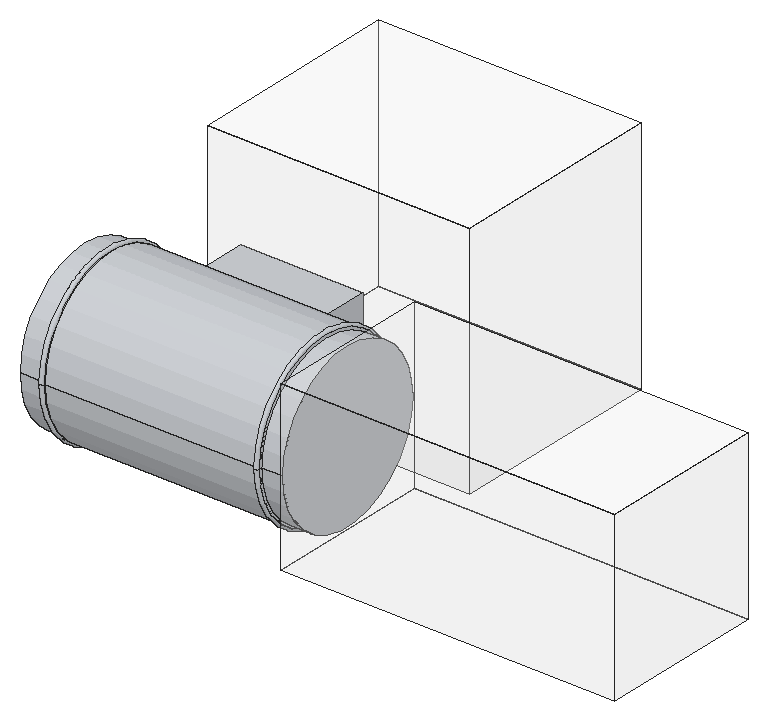
Revit family "SA_VAV", category ダクト付属品, Revit 2021
Family settings
  丸型コネクタ寸法 = 直径を使用
  パーツ タイプ = 割り込み
  OmniClass 番号 = 23.75.00.00
  OmniClass タイトル = Climate Control (HVAC)
  作業面ベース = いいえ
  常に垂直 = はい
  ロード時にボイドで切り取り = いいえ
  共有 = いいえ
Parameters (values of type "MW型")
  風量 [instance] = 0.0 L/s
  静圧 [instance] = 0.0 Pa
  Description = ""
  記号 [instance] = ""
  系統 = ""
  符号 = "可変風量ユニット"
  種別 = ""
  機器メーカー名 = "協立エアテック"
  既定の高さ = 0 mm
  接続部 [instance] = ダクト径 - 10 mm  # 340 mm
  形式 = "MW型"
  対象室 [instance] = ""
  呼称 = "VAV"
  メンテナンススペース [instance] = yes
  メンテ_W [instance] = ダクト径 * 2  # 700 mm
  メンテ_H [instance] = ダクト径  # 350 mm
  メンテ_D [instance] = ダクト径  # 350 mm
  ダクト径 [instance] = 350 mm
  VAV長さ [instance] = if(ダクト径 > 200 mm, 550 mm, 450 mm)  # 550 mm
  ダクト半径 [instance] = ダクト径 / 2  # 175 mm
  Type Comments = ""
  MIN風量 = 0.0 L/s
  MIN静圧 = 0.0 Pa
  MAX風量 = 0.0 L/s
  MAX静圧 = 0.0 Pa
  2D [instance] = yes
Reference planes
  plane 1 "中心(正面/背面)": y = 0
  plane 2: z = 0
  plane 3 "中心(左/右)": x = 0
  plane 4 "長_左": x = -275
  plane 5 "長-右": x = 275
  plane 6 "紐-右": x = 230
  plane 7: y = 175
  plane 8: y = 175
  plane 9: y = 175
  plane 10 "制御-あ": y = 175
  plane 11 "制御-い": y = 320
  plane 12 "制御-端": x = -205
  plane 13 "紐-左": x = -230
  plane 14: y = -106.315
Forms (mm)
  Revolve 1, solid
    sketch origin (0, 0, 0) x (1, 0, 0) y (0, 1, 0)
      loop
        line (-230, 175) -> (-230, 0) -> (230, 0) -> (230, 175) -> (-230, 175)
      axis (-230, 0) -> (230, 0)
    angle from 0 to 360
  Extrusion 2, solid
    sketch origin (-36.5, 45, 0) x (1, 0, 0) y (0, 1, 0)
      loop
        line (-168.5, 275) -> (-168.5, 130) -> (86.5, 130) -> (86.5, 275) -> (-168.5, 275)
    from -50 to 50
  Revolve 3, solid
    sketch origin (-340, 0, 0) x (1, 0, 0) y (0, 1, 0)
      loop
        arc (120, 175) -> (115, 180) -> (110, 175) r 5
        line (110, 175) -> (110, 0) -> (120, 0) -> (120, 175)
      axis (120, 0) -> (110, 0)
    angle from 0 to 360
  Revolve 4, solid
    sketch origin (-340, 0, 0) x (1, 0, 0) y (0, 1, 0)
      loop
        arc (570, 175) -> (565, 180) -> (560, 175) r 5
        line (560, 175) -> (560, 0) -> (570, 0) -> (570, 175)
      axis (570, 0) -> (560, 0)
    angle from 0 to 360
  Extrusion 5, solid
    sketch origin (0, 0, 0) x (0, 1, 0) y (0, 0, 1)
      loop
        circle (0, 0) r 170
    from 230 to 275
  Extrusion 6, solid
    sketch origin (0, 0, 0) x (0, 1, 0) y (0, 0, 1)
      loop
        circle (0, 0) r 170
    from -275 to -230
Lines and regions (mm)
  model lines, style "メンテナンススペース", visible <- "メンテナンススペース"
    curve 1: line (-275, 770, 0) -> (275, 320, 0)
    curve 2: line (275, 770, 0) -> (-275, 320, 0)
Dimensions and locks
  "ダクト半径": plane 1 "中心(正面/背面)" to plane 7
  "ダクト半径": plane 8 to plane 1 "中心(正面/背面)"
  "ダクト半径": plane 1 "中心(正面/背面)" to plane 9
  "ダクト半径": plane 1 "中心(正面/背面)" to plane 10 "制御-あ"
  locked: plane 11 "制御-い" to plane 10 "制御-あ" at 145
  locked: Extrusion 2 to Extrusion 2 at 255
  locked: Revolve 4 sketch curve to Revolve 4 sketch curve at 10
  locked: plane 6 "紐-右" to plane 5 "長-右" at 45
  locked: Revolve 3 sketch curve to Revolve 3 sketch curve at 10
  locked: plane 4 "長_左" to plane 12 "制御-端" at 70
  locked: plane 4 "長_左" to plane 13 "紐-左" at 45
  "ダクト径": plane 10 "制御-あ" to nested 3
  equal spacing: plane 10 "制御-あ", plane 1 "中心(正面/背面)", nested 3
  equal spacing: plane 13 "紐-左", plane 3 "中心(左/右)", plane 6 "紐-右"
  "VAV長さ": plane 4 "長_左" to plane 5 "長-右"
  "接続部": diameter of Extrusion 5 sketch curve
  "接続部": diameter of Extrusion 6 sketch curve
  aligned and locked: level to plane 2
  aligned and locked: Revolve 1 sketch curve to plane 7
  aligned and locked: Extrusion 2 to plane 10 "制御-あ"
  aligned and locked: plane 11 "制御-い" to Extrusion 2
  aligned and locked: Extrusion 2 to plane 12 "制御-端"
  aligned and locked: plane 6 "紐-右" to Revolve 4 sketch curve
  aligned and locked: nested 1 to plane 5 "長-右"
  aligned and locked: plane 3 "中心(左/右)" to nested 2
  aligned and locked: nested 2 to plane 11 "制御-い"
  aligned and locked: nested 2 to curve 2
  aligned and locked: curve 2 to nested 2
  aligned and locked: nested 2 to curve 1  (x2)
  aligned and locked: plane 13 "紐-左" to Revolve 3 sketch curve
  aligned and locked: nested 3 to plane 13 "紐-左"
  aligned and locked: plane 6 "紐-右" to nested 3
  aligned and locked: nested 3 to plane 10 "制御-あ"
  aligned and locked: Revolve 1 to plane 6 "紐-右"
  aligned and locked: Extrusion 5 to plane 5 "長-右"
  aligned and locked: Extrusion 5 to plane 6 "紐-右"
  aligned and locked: plane 4 "長_左" to Extrusion 6
  aligned and locked: Extrusion 6 to plane 13 "紐-左"
Automatic sketch dimensions
  Extrusion 2 sketch curve to plane 3 "中心(左/右)" = 205 mm
  plane 3 "中心(左/右)" to Extrusion 2 sketch curve = 50 mm
  plane 10 "制御-あ" to Extrusion 2 sketch curve = 145 mm
  curve 1 to plane 5 "長-右" = 0 mm
  curve 2 to plane 11 "制御-い" = 0 mm
  plane 11 "制御-い" to curve 2 = 450 mm
  curve 1 to curve 2 = 0 mm
  Extrusion 2 sketch curve to plane 10 "制御-あ" = 0 mm
  Extrusion 5 sketch curve to level = 0 mm
  Extrusion 5 sketch curve to plane 1 "中心(正面/背面)" = 0 mm
  Revolve 1 sketch curve to plane 13 "紐-左" = 0 mm
  plane 1 "中心(正面/背面)" to Revolve 1 sketch curve = 0 mm  (x2)
  Revolve 1 sketch curve to plane 6 "紐-右" = 0 mm
  Revolve 1 sketch curve to plane 5 "長-右" = 0 mm
  Revolve 1 sketch curve to plane 3 "中心(左/右)" = 50 mm
  plane 1 "中心(正面/背面)" to Revolve 3 sketch curve = 0 mm  (x2)
  Revolve 3 sketch curve to plane 9 = 0 mm
  Revolve 3 sketch curve to Revolve 3 sketch curve = 1.321 mm
  plane 3 "中心(左/右)" to Revolve 3 sketch curve = 33.679 mm
  plane 1 "中心(正面/背面)" to Revolve 4 sketch curve = 0 mm  (x2)
  Revolve 4 sketch curve to plane 8 = 0 mm
  Revolve 4 sketch curve to plane 3 "中心(左/右)" = 26.321 mm
  Revolve 4 sketch curve to Revolve 4 sketch curve = 3.679 mm
  Extrusion 6 sketch curve to level = 0 mm
  Extrusion 6 sketch curve to plane 1 "中心(正面/背面)" = 0 mm
Nested families
  nested 1: "2D" at (625, 0, 0), visible <- "2D", type "サービススペース"
    with Width 700 mm, Height 350 mm, Depth 350 mm
  nested 2: "メンテナンススペース" at (0, 545, 0), visible <- "メンテナンススペース", type "サービススペース"
    with Width 550 mm, Depth 450 mm
  nested 3: "塗り潰し" at (0, 0, 0), type "塗り潰し"
    with W 460 mm, D 350 mm
  nested 4: "文字ファミリ_一般注釈" at (543.431, 313.007, 0), visible <- "2D", type "文字ファミリ_一般注釈"
Connectors
  hvac at (230, 0, 0), driven by "ダクト径", driven by "風量"
    settings: index 1, duct flow 0.0 L/s, flow factor 0, pres drop 0.0 Pa, loss coef 0, conn angle 0.00°, conn width 304.8 mm, conn height 304.8 mm, conn diameter 350 mm, duct sys type 29, conn prof type 0, flow config 0, flow direction 1, loss method 0, conn ref index 2, conn util no, is conn primary yes, conn desc ""
  hvac at (-230, 0, 0), driven by "ダクト径", driven by "風量"
    settings: index 2, duct flow 0.0 L/s, flow factor 0, pres drop 0.0 Pa, loss coef 0, conn angle 0.00°, conn width 304.8 mm, conn height 304.8 mm, conn diameter 350 mm, duct sys type 29, conn prof type 0, flow config 0, flow direction 2, loss method 0, conn ref index 1, conn util no, is conn primary no, conn desc ""
Definition of nested family "2D"
  Parameters (values of type "サービススペース")
    Default Elevation = 0 mm
    Width = 500 mm
    Height = 500 mm
    Depth = 500 mm
  Reference planes
    plane 1 "中心(正面/背面)": y = 0
    plane 2: z = 0
    plane 3 "中心(左/右)": x = 0
    plane 4: y = -250
    plane 5: x = 250
    plane 6: y = 250
    plane 7: x = -250
    plane 8: z = 250
    plane 9: z = -250
  Forms (mm)
    Extrusion 1, solid
      sketch origin (-638.939, 0, 72.39) x (1, 0, 0) y (0, 1, 0)
        loop
          line (388.939, 250) -> (388.939, -250) -> (888.939, -250) -> (888.939, 250) -> (388.939, 250)
      from -322.39 to 177.61
  Lines and regions (mm)
    symbolic lines
      curve 1: line (-250, 0, 250) -> (250, 0, 250)
      curve 2: line (-250, 0, -250) -> (-250, 0, 250)
      curve 3: line (250, 0, -250) -> (-250, 0, -250)
      curve 4: line (250, 0, 250) -> (250, 0, -250)
      curve 5: line (0, -250, 250) -> (0, 250, 250)
      curve 6: line (0, -250, -250) -> (0, -250, 250)
      curve 7: line (0, 250, -250) -> (0, -250, -250)
      curve 8: line (0, 250, 250) -> (0, 250, -250)
      curve 9: line (-250, 250, 0) -> (250, 250, 0)
      curve 10: line (-250, -250, 0) -> (-250, 250, 0)
      curve 11: line (250, -250, 0) -> (-250, -250, 0)
      curve 12: line (250, 250, 0) -> (250, -250, 0)
  Dimensions and locks
    equal spacing: plane 7, plane 3 "中心(左/右)", plane 5
    equal spacing: plane 4, plane 1 "中心(正面/背面)", plane 6
    "Depth": plane 4 to plane 6
    "Width": plane 7 to plane 5
    equal spacing: plane 8, plane 2, plane 9
    "Height": plane 8 to plane 9
    aligned and locked: plane 9 to curve 3
    aligned and locked: plane 7 to curve 2
    aligned and locked: curve 4 to plane 5
    aligned and locked: plane 5 to Extrusion 1
    aligned and locked: Extrusion 1 to plane 7
    aligned and locked: Extrusion 1 to plane 9
    aligned and locked: plane 8 to Extrusion 1
    aligned and locked: plane 9 to curve 7
  Automatic sketch dimensions
    plane 4 to Extrusion 1 sketch curve = 0 mm
    Extrusion 1 sketch curve to plane 7 = 0 mm
    Extrusion 1 sketch curve to plane 5 = 0 mm
    plane 6 to Extrusion 1 sketch curve = 0 mm
    curve 2 to plane 8 = 0 mm
    plane 4 to curve 11 = 0 mm
    curve 11 to plane 7 = 0 mm
    curve 11 to plane 5 = 0 mm
    plane 6 to curve 10 = 0 mm
    curve 7 to plane 4 = 0 mm
    curve 7 to plane 6 = 0 mm
    curve 6 to plane 8 = 0 mm
Definition of nested family "メンテナンススペース"
  Parameters (values of type "サービススペース")
    Default Elevation = 0 mm
    Width = 500 mm
    Height = 500 mm
    Depth = 500 mm
  Reference planes
    plane 1 "中心(正面/背面)": y = 0
    plane 2: z = 0
    plane 3 "中心(左/右)": x = 0
    plane 4: y = -250
    plane 5: x = 250
    plane 6: y = 250
    plane 7: x = -250
    plane 8: z = 250
    plane 9: z = -250
  Forms (mm)
    Extrusion 1, solid
      sketch origin (-638.939, 0, 72.39) x (1, 0, 0) y (0, 1, 0)
        loop
          line (388.939, 250) -> (388.939, -250) -> (888.939, -250) -> (888.939, 250) -> (388.939, 250)
      from -322.39 to 177.61
  Lines and regions (mm)
    symbolic lines
      curve 1: line (-250, 0, 250) -> (250, 0, 250)
      curve 2: line (-250, 0, -250) -> (-250, 0, 250)
      curve 3: line (250, 0, -250) -> (-250, 0, -250)
      curve 4: line (250, 0, 250) -> (250, 0, -250)
      curve 5: line (0, -250, 250) -> (0, 250, 250)
      curve 6: line (0, -250, -250) -> (0, -250, 250)
      curve 7: line (0, 250, -250) -> (0, -250, -250)
      curve 8: line (0, 250, 250) -> (0, 250, -250)
      curve 9: line (-250, 250, 0) -> (250, 250, 0)
      curve 10: line (-250, -250, 0) -> (-250, 250, 0)
      curve 11: line (250, -250, 0) -> (-250, -250, 0)
      curve 12: line (250, 250, 0) -> (250, -250, 0)
  Dimensions and locks
    equal spacing: plane 7, plane 3 "中心(左/右)", plane 5
    equal spacing: plane 4, plane 1 "中心(正面/背面)", plane 6
    "Depth": plane 4 to plane 6
    "Width": plane 7 to plane 5
    equal spacing: plane 8, plane 2, plane 9
    "Height": plane 8 to plane 9
    aligned and locked: plane 9 to curve 3
    aligned and locked: plane 7 to curve 2
    aligned and locked: curve 4 to plane 5
    aligned and locked: plane 5 to Extrusion 1
    aligned and locked: Extrusion 1 to plane 7
    aligned and locked: Extrusion 1 to plane 9
    aligned and locked: plane 8 to Extrusion 1
    aligned and locked: plane 9 to curve 7
  Automatic sketch dimensions
    plane 4 to Extrusion 1 sketch curve = 0 mm
    Extrusion 1 sketch curve to plane 7 = 0 mm
    Extrusion 1 sketch curve to plane 5 = 0 mm
    plane 6 to Extrusion 1 sketch curve = 0 mm
    curve 2 to plane 8 = 0 mm
    plane 4 to curve 11 = 0 mm
    curve 11 to plane 7 = 0 mm
    curve 11 to plane 5 = 0 mm
    plane 6 to curve 10 = 0 mm
    curve 7 to plane 4 = 0 mm
    curve 7 to plane 6 = 0 mm
    curve 6 to plane 8 = 0 mm
Definition of nested family "塗り潰し"
  Parameters (values of type "塗り潰し")
    W [instance] = 200 mm
    D [instance] = 200 mm
  Reference planes
    plane 1 "中心(正面/背面)": y = 0
    plane 2: z = 0
    plane 3 "中心(左/右)": x = 0
    plane 4: x = -100
    plane 5: x = 100
    plane 6: y = 100
    plane 7: y = -100
  Lines and regions (mm)
    Filled region 1, type "塗り潰し", in view "参照レベル"
      outline origin (0, 0, 0) x (1, 0, 0) y (0, 1, 0)
        loop
          line (100, -100) -> (100, 100) -> (-100, 0) -> (100, -100)
  Dimensions and locks
    equal spacing: plane 7, plane 1 "中心(正面/背面)", plane 6
    "D": plane 7 to plane 6
    equal spacing: plane 4, plane 3 "中心(左/右)", plane 5
    "W": plane 4 to plane 5
  Automatic sketch dimensions
    Filled region 1 sketch curve to plane 5 = 0 mm
    plane 7 to Filled region 1 sketch curve = 0 mm
    plane 1 "中心(正面/背面)" to Filled region 1 sketch curve = 0 mm
    plane 6 to Filled region 1 sketch curve = 0 mm
    Filled region 1 sketch curve to plane 4 = 0 mm
Definition of nested family "文字ファミリ_一般注釈"
  Parameters (values of type "文字ファミリ_一般注釈")
    文字 = ""
  Reference planes
    plane 1: y = 0
    plane 2: x = 0
  Text (mm)
    label "文字" at (-2.342, -0.04, 0), shows "文字"
